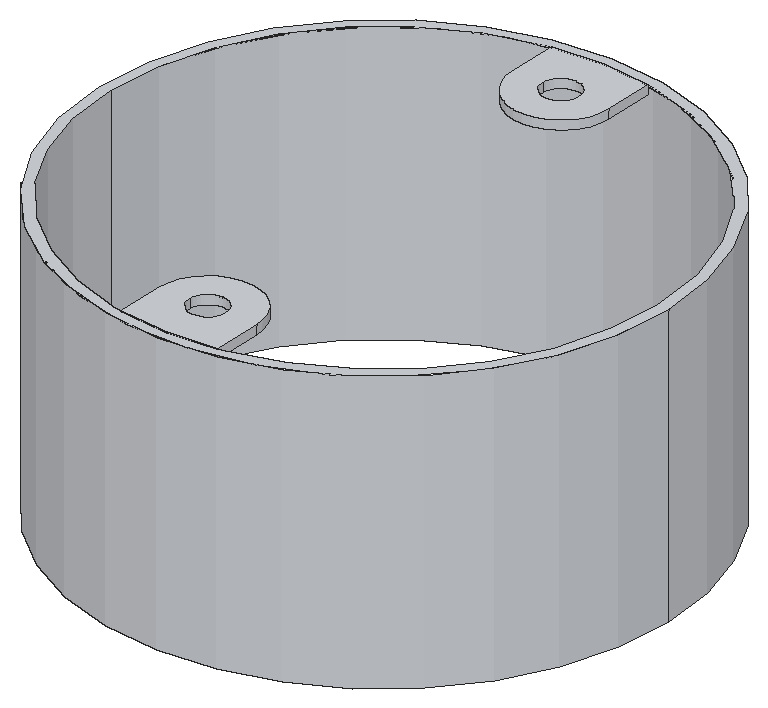
Revit family "SR32G", category Generic Models, Revit 2017
Family settings
  Can host rebar = No
  Round Connector Dimension = Use Diameter
  Part Type = Normal
  Work Plane-Based = Yes
  Always vertical = No
  Cut with Voids When Loaded = No
  Shared = No
  Room Calculation Point = No
Parameters (values of type "NBS Standard Parameters")
  Weight = "0.0675Kg"
  WarrantyStartDate [instance] = "1900-12-31T23:59:59"
  WarrantyGuarantorParts = "n/a"
  WarrantyGuarantorLabor = "n/a"
  WarrantyDurationUnit = "1 year"
  WarrantyDurationParts = "n/a"
  WarrantyDurationLabor = "n/a"
  WarrantyDescription = "n/a"
  Version = "1"
  Uniclass2 = "PR_65_70_11_20"
  TagNumber [instance] = "n/a"
  SustainabilityPerformance = "32mm"
  Size = "Circular"
  Shape = "n/a"
  SerialNumber [instance] = "n/a"
  Revision = "n/a"
  ReplacementCost = "n/a"
  ProductInformation = "www.metpro.co.uk/pdf/sr32g.pdf"
  NominalWidth = 65 mm
  NominalLength = 65 mm
  NominalHeight = 32 mm
  Name = ""
  NBSTypeID = ""
  NBSReference = "90-55-10/460"
  NBSOfficeMasterTag = ""
  NBSNote = ""
  NBSDescription = "Conduit Fittings"
  NBSCertification = ""
  ModelReference = "SR32G"
  ModelNumber = "n/a"
  Material = "Steel"
  ManufacturerURL = "www.metpro.co.uk"
  ManufacturerName = "Metpro Ltd"
  InstallationDate [instance] = "1900-12-31T23:59:59"
  IfcExportType = ""
  IfcExportAs = ""
  Grade = "n/a"
  Finish = "BZP"
  Features = "n/a"
  ExpectedLife = "n/a"
  DurationUnit = "year"
  Description = "SR32G - 32mm Extension Ring"
  Default Elevation = 1219.2 mm
  Constituents = "n/a"
  Color = "n/a"
  CodePerformance = "n/a"
  Category = "n/a"
  BarCode [instance] = "n/a"
  BIMObjectName = "Metpro_metprolibrary_conduitfittings_metalcomponents_steelaccessories"
  Author = "Metpro Ltd"
  AssetType = ""
  AssetIdentifier [instance] = "n/a"
  AccessibilityPerformance = "n/a"
Reference planes
  plane 1 "Center (Front/Back)": y = 0
  plane 2: z = 0
  plane 3 "Center (Left/Right)": x = 0
Forms (mm)
  Extrusion 1, solid
    sketch origin (0, 0, 0) x (1, 0, 0) y (0, 1, 0)
      loop
        circle (0, 0) r 32.5
      loop
        circle (0, 0) r 31.25
    from 0 to 32
  Extrusion 2, solid
    sketch origin (0, 0, 32) x (1, 0, 0) y (0, 1, 0)
      loop
        arc (5.546, -25.174) -> (0.046, -19.674) -> (-5.454, -25.174) r 5.5
        line (-5.454, -25.174) -> (-5.454, -30.77)
        arc (-5.454, -30.77) -> (0.047, -31.25) -> (5.546, -30.754) r 31.25
        line (5.546, -30.754) -> (5.546, -25.174)
      loop
        circle (0, -25.2) r 2.1
      loop
        line (5.546, 25.174) -> (5.546, 30.754)
        arc (5.546, 30.754) -> (0.047, 31.25) -> (-5.454, 30.77) r 31.25
        line (-5.454, 30.77) -> (-5.454, 25.174)
        arc (-5.454, 25.174) -> (0.046, 19.674) -> (5.546, 25.174) r 5.5
      loop
        circle (0, 25.2) r 2.1
    from 0 to -1
  Extrusion 3, solid
    sketch origin (0, 0, 0) x (0, 1, 0) y (1, 0, 0)
      loop
        line (5.546, 25.174) -> (5.546, 30.754)
        arc (5.546, 30.754) -> (0.047, 31.25) -> (-5.454, 30.77) r 31.25
        line (-5.454, 30.77) -> (-5.454, 25.174)
        arc (-5.454, 25.174) -> (0.046, 19.674) -> (5.546, 25.174) r 5.5
      loop
        circle (0, 25.2) r 2.1
      loop
        arc (5.546, -25.174) -> (0.046, -19.674) -> (-5.454, -25.174) r 5.5
        line (-5.454, -25.174) -> (-5.454, -30.77)
        arc (-5.454, -30.77) -> (0.047, -31.25) -> (5.546, -30.754) r 31.25
        line (5.546, -30.754) -> (5.546, -25.174)
      loop
        circle (0, -25.2) r 2.1
    from 0 to -1
Dimensions and locks
  aligned and locked: level to plane 2
